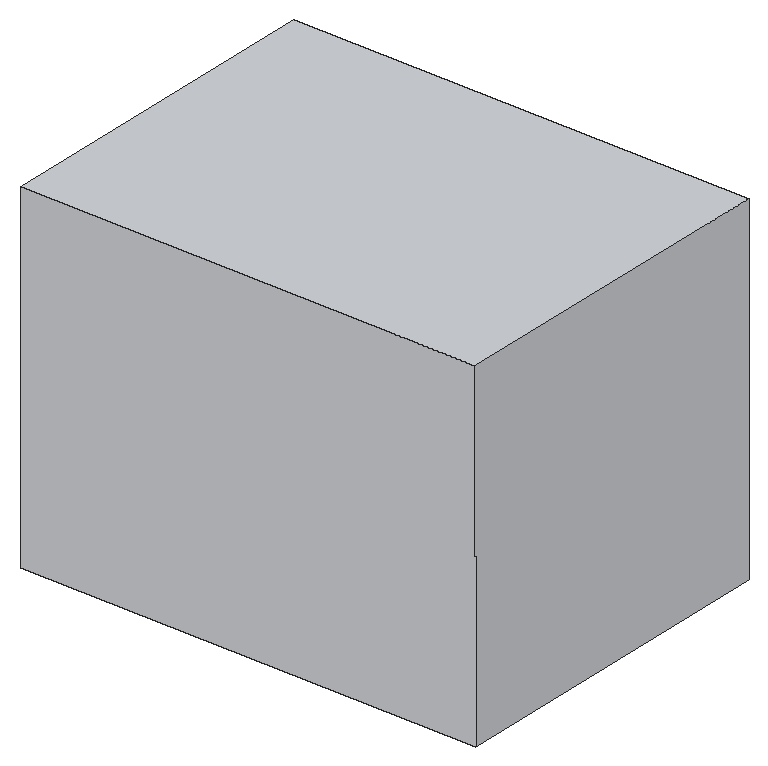
Revit family "bff6077ee25f4f6592d500a2942452a9", category Duct Fittings, Revit 2021
Family settings
  Round Connector Dimension = Use Diameter
  Part Type = Tap - Adjustable
  OmniClass Number = 23.75.70.14
  OmniClass Title = Air Ductwork
  Seek Item ID = Rectangular Takeoff-0000-USA-ENU
  Work Plane-Based = No
  Always vertical = Yes
  Cut with Voids When Loaded = No
  Shared = No
Parameters (values of type "Standard")
  Duct Width 2 [instance] = 12"
  Duct Width 1 [instance] = Duct Width 2  # 12"
  built-in parameter 1114215 [instance] = if(Duct Width 2 > 1' 4", Duct Width 2 * Length Multiplier, 0' 4")  # 0.33333 (stored number, unit not read)
  Length Multiplier [instance] = 0.25
  Duct Height 2 [instance] = 12"
  Duct Height 1 [instance] = Duct Height 2  # 12"
  built-in parameter 1114214 [instance] = 1' - 0"
  built-in parameter 1114213 [instance] = 0' - 4"
  Default Elevation = 0' - 0"
  Assembly Code = ""
Reference planes (in)
  plane 1 "Center (Front/Back)": y = 0
  plane 2: z = 0
  plane 3 "Center (Left/Right)": x = 0
  plane 4: x = 4
  plane 5: x = -12
  plane 6: z = 6
  plane 7: z = -6
  plane 8: y = -6
  plane 9: y = 6
Forms (in)
  Blend 1, solid, detail levels medium+fine
    base sketch origin (0, 0, 0) x (0, 1, 0) y (0, 0, 1)
      loop
        line (-6, 6) -> (-6, -6) -> (6, -6) -> (6, 6) -> (-6, 6)
    top sketch origin (0, 0, 0) x (0, 1, 0) y (0, 0, 1)
      loop
        line (-6, 6) -> (-6, -6) -> (6, -6) -> (6, 6) -> (-6, 6)
    from 0 to 4
  Sweep 2, solid, detail levels medium+fine
    path in 3D
      loop
        line (-12, 0, 0) -> (0, 0, 0)
    profile "Duct - Rectangular : Duct - Rectangular" origin (-6, 0, 0) x (0, 1, 0) y (0, 0, 1)
      loop
        line (-6, 6) -> (-6, -6) -> (6, -6) -> (6, 6) -> (-6, 6)
Cuts and joins
  joined: Blend 1, Sweep 2
Lines and regions (in)
  model lines, style "DuctFitting", not visible, detail levels coarse
    curve 1: line (0, 0, 0) -> (4, 0, 0)
  reference lines
    curve 2: line (-12, 0, 0) -> (0, 0, 0)
  sketch lines
    curve 3: line (-12, 0, 0) -> (0, 0, 0)
Dimensions and locks (in)
  "built-in parameter 1114213": plane 3 "Center (Left/Right)" to plane 4
  "built-in parameter 1114214": plane 5 to plane 3 "Center (Left/Right)"
  equal spacing: plane 6, level, plane 7
  equal spacing: plane 9, plane 1 "Center (Front/Back)", plane 8
  "Duct Width 1": plane 9 to plane 8
  "Duct Height 1": plane 6 to plane 7
  aligned and locked: plane 3 "Center (Left/Right)" to curve 1
  aligned and locked: plane 1 "Center (Front/Back)" to curve 1
  aligned and locked: plane 4 to Blend 1
  aligned and locked: Blend 1 to plane 3 "Center (Left/Right)"
  aligned and locked: plane 3 "Center (Left/Right)" to curve 2
  aligned and locked: plane 5 to curve 2
  aligned and locked: plane 1 "Center (Front/Back)" to curve 2
  aligned and locked: plane 6 to Blend 1 sketch curve  (x2)
  aligned and locked: plane 8 to Blend 1 sketch curve  (x2)
  aligned and locked: Blend 1 sketch curve to plane 7  (x2)
  aligned and locked: Blend 1 sketch curve to plane 9  (x2)
Automatic sketch dimensions
  curve 1 to plane 4 = 0' - 0"
Connectors (in)
  hvac at (0, 0, 0), driven by "Duct Height 1", driven by "Duct Width 1"
    settings: on plane 3 "Center (Left/Right)", index 0, duct flow 0 CFM, flow factor 0, pres drop 0.00 in-wg, loss coef 0, conn angle 0.00°, conn width 12", conn height 12", conn diameter 24", duct sys type 28, conn prof type 1, flow config 0, flow direction 0, loss method 0, conn ref index 1, conn util no, is conn primary yes, conn desc ""
  hvac at (4, 0, 0), driven by "Duct Height 2", driven by "Duct Width 2"
    settings: on Blend 1, index 1, duct flow 0 CFM, flow factor 0, pres drop 0.00 in-wg, loss coef 0, conn angle 0.00°, conn width 12", conn height 12", conn diameter 24", duct sys type 28, conn prof type 1, flow config 0, flow direction 0, loss method 0, conn ref index 0, conn util no, is conn primary no, conn desc ""
